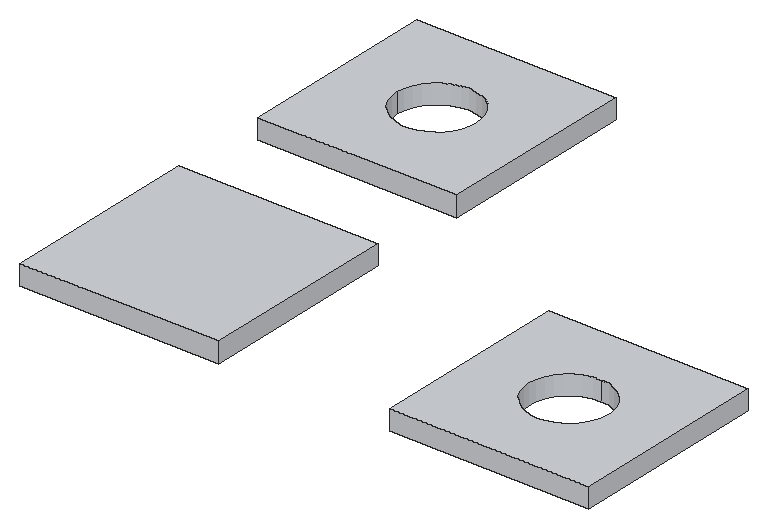
Revit family "Cutting", category Generic Models, Revit 2021
Family settings
  Can host rebar = No
  Round Connector Dimension = Use Diameter
  Part Type = Normal
  Work Plane-Based = No
  Always vertical = Yes
  Cut with Voids When Loaded = Yes
  Shared = No
  Room Calculation Point = No
Parameters
  Default Elevation = 0 mm
Reference planes
  plane 1 "中心(正面/背面)": y = 0
  plane 2: z = 0
  plane 3 "中心(左/右)": x = 0
Text (mm)
  text "This is the desired result" at (-1.407, 2082.154, 224.851), in view "ビュー 1"
  text "This is the plate with a void family created in a generic template" at (-1435.284, -1869.34, 254.212), in view "ビュー 1"
  text "This is the plate with a void created in a face based template" at (2922.59, -680.248, 414.766), in view "ビュー 1"
Dimensions and locks
  aligned and locked: level to plane 2
Nested families
  nested 1: "Plate_Cut_desired_result" at (0, 1500, 0), type "Plate_Cut_desired_result"
  nested 2: "Void" at (0, 0, 0), type "Void"
  nested 3: "Plate" at (0, 0, 0), type "Plate"
  nested 4: "Plate" at (1864.368, 0, 0), type "Plate"
  nested 5: "Void_face_based" at (1864.368, 0, 100) x (0, 1, 0) z (0, 0, 1), type "Void_face_based"
Definition of nested family "Plate_Cut_desired_result"
  Parameters (values of type "Plate_Cut")
    Void Radius = 200 mm
    Void Height = 200 mm
    Default Elevation = 0 mm
  Reference planes
    plane 1 "中心(正面/背面)": y = 0
    plane 2: z = 0
    plane 3 "中心(左/右)": x = 0
  Forms (mm)
    Extrusion 1, solid
      sketch origin (-500, -207.611, 0) x (1, 0, 0) y (0, 1, 0)
        loop
          line (0, -292.389) -> (1000, -292.389) -> (1000, 707.611) -> (0, 707.611) -> (0, -292.389)
      from 0 to 100
    Extrusion 2, void
      sketch origin (0, 0, 0) x (1, 0, 0) y (0, 1, 0)
        loop
          circle (0, 0) r 200
      from -100 to 100
  Cuts and joins
    Extrusion 2 cuts Extrusion 1
  Dimensions and locks
    level to Extrusion 1 = 100 mm
    "Void Height": Extrusion 2 to Extrusion 2
    "Void Radius": radius of Extrusion 2 sketch curve
    aligned and locked: level to plane 2
  Automatic sketch dimensions
    Extrusion 1 sketch curve to plane 3 "中心(左/右)" = 500 mm
    plane 3 "中心(左/右)" to Extrusion 1 sketch curve = 500 mm
    plane 1 "中心(正面/背面)" to Extrusion 1 sketch curve = 500 mm
    Extrusion 1 sketch curve to plane 1 "中心(正面/背面)" = 500 mm
    plane 1 "中心(正面/背面)" to Extrusion 2 sketch curve = 0 mm
    Extrusion 2 sketch curve to plane 3 "中心(左/右)" = 0 mm
Definition of nested family "Plate"
  Parameters
    Default Elevation = 0 mm
  Reference planes
    plane 1 "中心(正面/背面)": y = 0
    plane 2: z = 0
    plane 3 "中心(左/右)": x = 0
  Forms (mm)
    Extrusion 1, solid
      sketch origin (-500, -207.611, 0) x (1, 0, 0) y (0, 1, 0)
        loop
          line (0, -292.389) -> (1000, -292.389) -> (1000, 707.611) -> (0, 707.611) -> (0, -292.389)
      from 0 to 100
  Dimensions and locks
    level to Extrusion 1 = 100 mm
    aligned and locked: level to plane 2
Definition of nested family "Void"
  Parameters (values of type "Void")
    Void Radius = 200 mm
    Void Height = 200 mm
    Default Elevation = 0 mm
  Reference planes
    plane 1 "中心(正面/背面)": y = 0
    plane 2: z = 0
    plane 3 "中心(左/右)": x = 0
  Forms (mm)
    Extrusion 1, void
      sketch origin (0, 0, 0) x (1, 0, 0) y (0, 1, 0)
        loop
          circle (0, 0) r 200
      from -100 to 100
  Dimensions and locks
    "Void Height": Extrusion 1 to Extrusion 1
    equal spacing: Extrusion 1, level, Extrusion 1
    "Void Radius": radius of Extrusion 1 sketch curve
    aligned and locked: level to plane 2
  Automatic sketch dimensions
    plane 1 "中心(正面/背面)" to Extrusion 1 sketch curve = 0 mm
    Extrusion 1 sketch curve to plane 3 "中心(左/右)" = 0 mm
